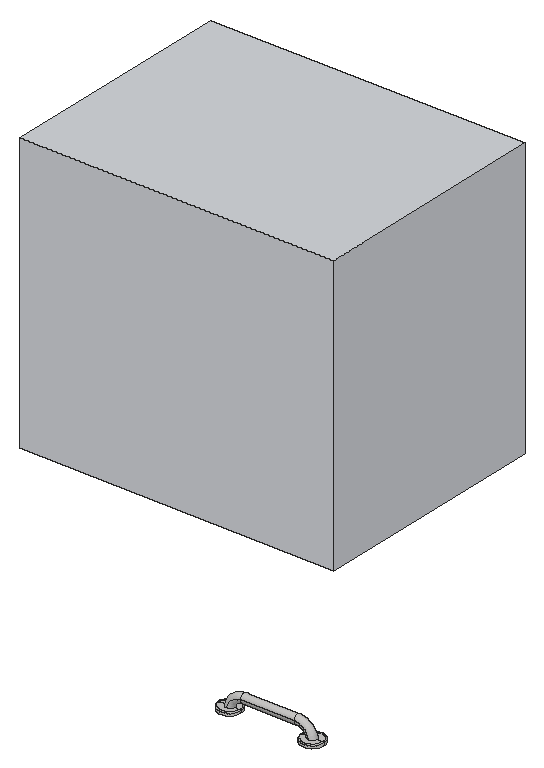
Revit family
Parameters
  Body Material = Metal - Stainless Steel w/Satin
  Warranty Duration (Years) = 0
  URL = "http://www.americanspecialties.com/viewCategories.cfm"
  Grab Bar Length [instance] = 1' - 0"
  Trim Material = Metal - Stainless Steel w/Satin
  Test Data = ""
  Specification = "http://www.arcat.com/sdspecs/htm/10810asi.htm"
  SpecWizard = ""
  Send Message = "http://www.arcat.com/users.pl?action=UserEmail&company=American%20Specialties,%20Inc.&coid=30448&rep=139&fax=914-476-0688&mf="
  Sales Information = "http://www.americanspecialties.com/contact"
  Revision = "R1_10-2010"
  Product Properties = "http://www.americanspecialties.com/datasheets/3700-W.pdf"
  Product Data = "http://www.arcat.com/arcatcos/cos30/arc30448.html"
  Model = "As Specified in 10 28 13"
  Manufacturer Website = "http://www.americanspecialties.com/viewCategories.cfm"
  Manufacturer Phone - Toll Free = ""
  Manufacturer Phone = "914-476-9000 "
  Manufacturer Fax = "914-476-0688"
  Manufacturer Address = "441 Saw Mill River Rd., Yonkers, NY 10701"
  Manufacturer = "American Specialties, Inc."
  Maintenance Schedule (Months) = 0
  Keynote = "10 28 13"
  Installation-Fabrication = "http://www.americanspecialties.com/products.cfm"
  Green Building-LEED = ""
  Expected Lifespan (Years) = 0
  Drawn By = "Robert S. Weygant. CSI, CDT, SCIP"  # constant formula
  Description = "Toilet Accessory as Specified in 10 28 13"
  Default Elevation = 4' - 0"
  Copyright = "©Arcat Inc."
  Construction Details = "http://www.arcat.com/green/clients/leed_data_30448.html"
  Building Codes = "http://www.americanspecialties.com/products.cfm"
  Assembly Code = "C1030210"
Reference planes (in)
  plane 1 "Center (Front/Back)": y = -0.29112
  plane 2 "Floor Line": z = 0
  plane 3 "Center (Left/Right)": x = -0.65843
  plane 4: x = -6.65843
  plane 5: x = 5.34157
Forms (in)
  Extrusion 1, solid
    sketch origin (-3.65843, -8.79112, -6) x (0, 0, -1) y (1, 0, 0)
      loop
        line (-82, 26) -> (-82, -19.34712) -> (-41.75861, -19.34712) -> (-41.75861, 26) -> (-82, 26)
    from 9 to -25.60721
  Sweep 2, solid, material "Metal - Stainless Steel w/Satin" <- "Body Material"
    path origin (0, -0.29112, 0) x (1, 0, 0) y (0, 0, 1)
      loop
        arc (-6.65843, -0.00027) -> (-6.03596, 1.50252) -> (-4.53316, 2.125) r 2.12527
        line (-4.53316, 2.125) -> (3.2163, 2.125)
        arc (3.2163, 2.125) -> (4.71909, 1.50252) -> (5.34157, -0.00027) r 2.12527
    profile origin (-0.65843, -0.29112, 2.125) x (0, 0, 1) y (0, -1, 0)
      loop
        circle (0, 0) r 0.625
  Revolve 3, solid, material "Metal - Stainless Steel w/Satin" <- "Body Material"
    sketch origin (-1.31687, -0.29112, 0) x (-1, 0, 0) y (0, 0, 1)
      loop
        line (-6.65843, 0.47413) -> (-5.15377, 0.40574)
        arc (-5.15377, 0.40574) -> (-5.09054, 0.37698) -> (-5.06468, 0.31251) r 0.09333
        line (-5.06468, 0.31251) -> (-5.06468, 0) -> (-5.03343, 0) -> (-5.03343, 0.31251)
        arc (-5.03343, 0.31251) -> (-5.06794, 0.39857) -> (-5.15235, 0.43695) r 0.12458
        line (-5.15235, 0.43695) -> (-6.65843, 0.50541) -> (-6.65843, 0.47413)
      axis (-6.65843, 0.50541) -> (-6.65843, 0)
    angle from 0 to 360
  Extrusion 4, solid
    sketch origin (0, 0, 0) x (1, 0, 0) y (0, 1, 0)
      loop
        arc (5.21788, 1.26648) -> (3.9884, 0.49013) -> (3.9308, -0.9628) r 1.5625
        arc (3.9308, -0.9628) -> (3.96026, -1.08861) -> (4.05449, -1.17703) r 0.22325
        arc (4.05449, -1.17703) -> (5.34157, -1.85362) -> (6.62864, -1.17703) r 1.5625
        arc (6.62864, -1.17703) -> (6.72287, -1.08861) -> (6.75233, -0.9628) r 0.22325
        arc (6.75233, -0.9628) -> (6.69473, 0.49013) -> (5.46525, 1.26648) r 1.5625
        arc (5.46525, 1.26648) -> (5.34157, 1.30387) -> (5.21788, 1.26648) r 0.22325
      loop
        circle (6.35704, -0.29112) r 0.1875
      loop
        circle (4.32609, -0.29112) r 0.1875
      loop
        circle (5.34157, -0.29112) r 0.625
    from 0 to 0.125
  Revolve 5, solid, material "Metal - Stainless Steel w/Satin" <- "Body Material"
    sketch origin (0, -0.29112, 0) x (1, 0, 0) y (0, 0, 1)
      loop
        line (-6.65843, 0.47413) -> (-5.15377, 0.40574)
        arc (-5.15377, 0.40574) -> (-5.09054, 0.37698) -> (-5.06468, 0.31251) r 0.09333
        line (-5.06468, 0.31251) -> (-5.06468, 0) -> (-5.03343, 0) -> (-5.03343, 0.31251)
        arc (-5.03343, 0.31251) -> (-5.06794, 0.39857) -> (-5.15235, 0.43695) r 0.12458
        line (-5.15235, 0.43695) -> (-6.65843, 0.50541) -> (-6.65843, 0.47413)
      axis (-6.65843, 0.50541) -> (-6.65843, 0)
    angle from 0 to 360
  Extrusion 6, solid
    sketch origin (-1.31687, 0, 0) x (-1, 0, 0) y (0, -1, 0)
      loop
        arc (5.21788, -1.26648) -> (5.34157, -1.30387) -> (5.46525, -1.26648) r 0.22325
        arc (5.46525, -1.26648) -> (6.69473, -0.49013) -> (6.75233, 0.9628) r 1.5625
        arc (6.75233, 0.9628) -> (6.72287, 1.08861) -> (6.62864, 1.17703) r 0.22325
        arc (6.62864, 1.17703) -> (5.34157, 1.85362) -> (4.05449, 1.17703) r 1.5625
        arc (4.05449, 1.17703) -> (3.96026, 1.08861) -> (3.9308, 0.9628) r 0.22325
        arc (3.9308, 0.9628) -> (3.9884, -0.49013) -> (5.21788, -1.26648) r 1.5625
      loop
        circle (6.35704, 0.29112) r 0.1875
      loop
        circle (4.32609, 0.29112) r 0.1875
      loop
        circle (5.34157, 0.29112) r 0.625
    from 0 to 0.125
Dimensions and locks (in)
  equal spacing: plane 4, plane 3 "Center (Left/Right)", plane 5
  "Grab Bar Length": plane 4 to plane 5
  aligned and locked: Revolve 3 sketch curve to plane 5
Automatic sketch dimensions
  Extrusion 1 sketch curve to Extrusion 1 sketch curve = 3' - 4.24139"
  Extrusion 1 sketch curve to Extrusion 1 sketch curve = 3' - 9.34712"
  Sweep 2 sketch curve to plane 4 = 0' - 0"
  Sweep 2 sketch curve to plane 5 = 0' - 0"
  Sweep 2 sketch curve to level = 0' - 0.00027"  (x2)
  Sweep 2 sketch curve to Sweep 2 sketch curve = 0' - 2.12527"
  Sweep 2 sketch curve to plane 1 "Center (Front/Back)" = 0' - 0"
  Sweep 2 sketch curve to profile plane = 0' - 0"
  Revolve 3 sketch curve to Revolve 3 sketch curve = 0' - 0"  (x2)
  Revolve 3 sketch curve to plane 5 = 0' - 0"
  Revolve 3 sketch curve to level = 0' - 0"
  Revolve 3 sketch curve to level = 0' - 0 5/16"
  plane 5 to Revolve 3 sketch curve = 0' - 1.50042"
  Revolve 3 sketch curve to Revolve 3 sketch curve = 0' - 0.00424"
  Revolve 3 sketch curve to Revolve 3 sketch curve = 0' - 0.00142"
  Revolve 3 sketch curve to Revolve 3 sketch curve = 0' - 0.09333"
  Revolve 3 sketch curve to Revolve 3 sketch curve = 0' - 0 1/32"
  level to Revolve 3 sketch curve = 1' - 0"
  Revolve 3 sketch curve to level = 0' - 0.47413"
  Revolve 3 sketch curve to Revolve 3 sketch curve = 0' - 0.03128"
  Revolve 3 sketch curve to Revolve 3 sketch curve = 7' - 11.49459"
  Extrusion 4 sketch curve to Extrusion 4 sketch curve = 0' - 0"  (x12)
  Extrusion 4 sketch curve to plane 1 "Center (Front/Back)" = 0' - 0"  (x3)
  Extrusion 4 sketch curve to plane 5 = 0' - 0"  (x2)
  Extrusion 4 sketch curve to plane 5 = 0' - 0.12369"
  Extrusion 4 sketch curve to Extrusion 4 sketch curve = 0' - 1.01548"
  Extrusion 4 sketch curve to Extrusion 4 sketch curve = 0' - 0.17249"  (x2)
  Extrusion 4 sketch curve to Extrusion 4 sketch curve = 0' - 0.09911"  (x2)
  Extrusion 4 sketch curve to Extrusion 4 sketch curve = 0' - 0.2228"  (x2)
  plane 5 to Extrusion 4 sketch curve = 0' - 0.12369"
  plane 5 to Extrusion 4 sketch curve = 0' - 1.01548"
  plane 1 "Center (Front/Back)" to Extrusion 4 sketch curve = 0' - 0.67168"
  Extrusion 4 sketch curve to Extrusion 4 sketch curve = 0' - 0.01419"
  Extrusion 4 sketch curve to Extrusion 4 sketch curve = 0' - 0.18585"
  Revolve 5 sketch curve to Revolve 5 sketch curve = 0' - 0"  (x2)
  Revolve 5 sketch curve to plane 4 = 0' - 0"  (x2)
  Revolve 5 sketch curve to level = 0' - 0"
  level to Revolve 5 sketch curve = 0' - 0 5/16"
  plane 4 to Revolve 5 sketch curve = 0' - 1.50042"
  Revolve 5 sketch curve to Revolve 5 sketch curve = 0' - 0.00424"
  Revolve 5 sketch curve to Revolve 5 sketch curve = 0' - 0.00142"
  Revolve 5 sketch curve to Revolve 5 sketch curve = 0' - 0.09333"
  Revolve 5 sketch curve to Revolve 5 sketch curve = 0' - 0 1/32"
  Revolve 5 sketch curve to level = 1' - 0"
  level to Revolve 5 sketch curve = 0' - 0.47413"
  Revolve 5 sketch curve to Revolve 5 sketch curve = 0' - 0.03128"
  Revolve 5 sketch curve to Revolve 5 sketch curve = 7' - 11.49459"
  Extrusion 6 sketch curve to Extrusion 6 sketch curve = 0' - 0"  (x12)
  Extrusion 6 sketch curve to plane 1 "Center (Front/Back)" = 0' - 0"  (x3)
  Extrusion 6 sketch curve to plane 4 = 0' - 0"  (x2)
  Extrusion 6 sketch curve to plane 4 = 0' - 0.12369"
  Extrusion 6 sketch curve to Extrusion 6 sketch curve = 0' - 1.01548"
  Extrusion 6 sketch curve to Extrusion 6 sketch curve = 0' - 0.17249"  (x2)
  Extrusion 6 sketch curve to Extrusion 6 sketch curve = 0' - 0.09911"  (x2)
  Extrusion 6 sketch curve to Extrusion 6 sketch curve = 0' - 0.2228"  (x2)
  plane 4 to Extrusion 6 sketch curve = 0' - 0.12369"
  plane 4 to Extrusion 6 sketch curve = 0' - 1.01548"
  Extrusion 6 sketch curve to plane 1 "Center (Front/Back)" = 0' - 0.67168"
  Extrusion 6 sketch curve to Extrusion 6 sketch curve = 0' - 0.01419"
  Extrusion 6 sketch curve to Extrusion 6 sketch curve = 0' - 0.18585"
  radius of Sweep 2 sketch curve = 0' - 0 5/8"
  radius of Extrusion 4 sketch curve = 0' - 0 3/16"  (x2)
  radius of Extrusion 4 sketch curve = 0' - 0 5/8"
  radius of Extrusion 6 sketch curve = 0' - 0 3/16"  (x2)
  radius of Extrusion 6 sketch curve = 0' - 0 5/8"
